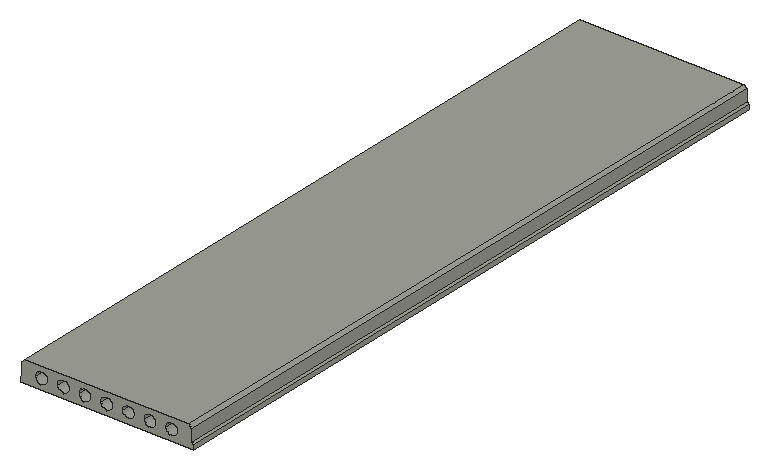
Revit family "Laje_Alveolar_15", category Structural Framing, Revit 2025
Family settings
  Structural Framing Length Roundoff = 0.000 m
  Section Shape = Not Defined
  Material for Model Behavior = Other
  Always export as geometry = No
  Work Plane-Based = No
  Always vertical = Yes
  Cut with Voids When Loaded = No
  Symbolic Representation = From Family
  Shared = No
  Show family pre-cut in plan views = Yes
Parameters (values of type "Laje_alv_15")
  Structural Material [instance] = CT_Concreto
  Laje_alv_Vao [instance] = 5.000 m
  Laje_alv_Raio = Laje_alv_Altura / 3.5  # 0.042857 m
  Laje_alv_Largura = 1.250 m
  Laje_alv_Altura = 0.150 m
Types (3, lengths in m): name | Laje_alv_Raio | Laje_alv_Altura
  Laje_alv_25 | 0.071429 | 0.250
  Laje_alv_15 | 0.042857 | 0.150
  Laje_alv_20 | 0.057143 | 0.200
Reference planes (m)
  plane 1 "Center (Front/Back)": y = 0
  plane 2: z = 0
  plane 3 "Center (Left/Right)": x = 0
  plane 4: z = -0.15
  plane 5: x = 1.25
  plane 6: z = -0.075
  plane 7: x = 0.15625
  plane 8: x = 0.3125
  plane 9: x = 0.46875
  plane 10: x = 0.625
  plane 11: x = 0.78125
  plane 12: x = 0.9375
  plane 13: x = 1.09375
  plane 14: y = 5
Forms (m)
  Extrusion 1, solid, material "CT_Concreto" <- "Structural Material"
    sketch origin (0, 0, 0) x (1, 0, 0) y (0, 0, 1)
      loop
        line (0.035, 0) -> (0.014142, -0.020858) -> (0.014142, -0.105858) -> (0, -0.12) -> (0, -0.15) -> (1.25, -0.15) -> (1.25, -0.12) -> (1.235858, -0.105858) -> (1.235858, -0.020858) -> (1.215, 0) -> (0.035, 0)
      loop
        circle (0.15625, -0.075) r 0.042857
      loop
        circle (0.3125, -0.075) r 0.042857
      loop
        circle (0.46875, -0.075) r 0.042857
      loop
        circle (0.625, -0.075) r 0.042857
      loop
        circle (0.78125, -0.075) r 0.042857
      loop
        circle (0.9375, -0.075) r 0.042857
      loop
        circle (1.09375, -0.075) r 0.042857
    from 0 to -5
Dimensions and locks (m)
  "Laje_alv_Altura": plane 2 to plane 4
  "Laje_alv_Largura": plane 5 to plane 3 "Center (Left/Right)"
  "Laje_alv_Vao": plane 14 to plane 1 "Center (Front/Back)"
  equal spacing: level, plane 6, plane 4
  "Laje_alv_Raio": radius of Extrusion 1 sketch curve  (x7)
  aligned and locked: level to plane 2
  aligned and locked: Extrusion 1 sketch curve to plane 2
  aligned and locked: Extrusion 1 sketch curve to plane 3 "Center (Left/Right)"
  aligned and locked: plane 4 to Extrusion 1 sketch curve
  aligned and locked: plane 14 to Extrusion 1
Automatic sketch dimensions
  Extrusion 1 sketch curve to plane 6 = 0.000 m  (x7)
  Extrusion 1 sketch curve to plane 7 = 0.000 m
  Extrusion 1 sketch curve to plane 8 = 0.000 m
  Extrusion 1 sketch curve to plane 9 = 0.000 m
  Extrusion 1 sketch curve to plane 10 = 0.000 m
  Extrusion 1 sketch curve to plane 11 = 0.000 m
  Extrusion 1 sketch curve to plane 12 = 0.000 m
  Extrusion 1 sketch curve to plane 13 = 0.000 m
  Extrusion 1 sketch curve to plane 5 = 0.000 m
  plane 3 "Center (Left/Right)" to Extrusion 1 sketch curve = 0.014142 m
  Extrusion 1 sketch curve to Extrusion 1 sketch curve = 0.020858 m
  Extrusion 1 sketch curve to plane 5 = 0.035 m
  Extrusion 1 sketch curve to plane 5 = 0.014142 m
  Extrusion 1 sketch curve to Extrusion 1 sketch curve = 0.030 m  (x2)
  Extrusion 1 sketch curve to Extrusion 1 sketch curve = 0.014142 m  (x2)
  Extrusion 1 sketch curve to level = 0.020858 m  (x2)
